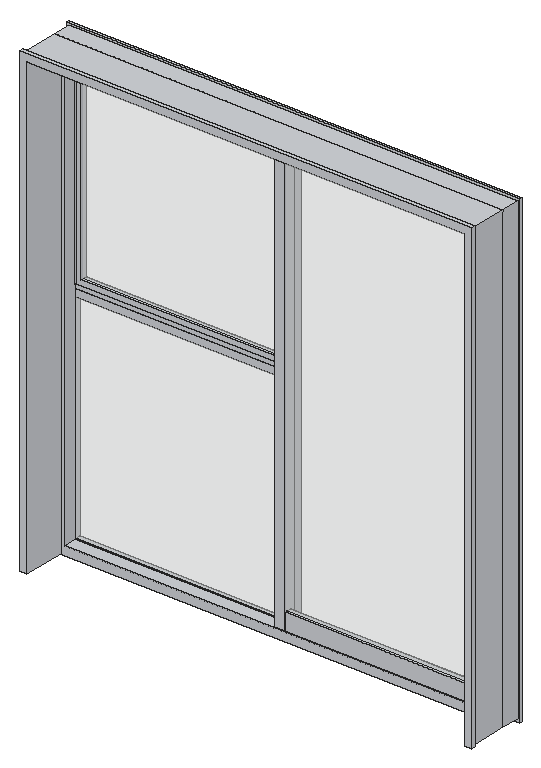
Revit family "APL Residential Thermal Heart Sliding Door SF with Sidelight", category Doors, host Wall, Revit 2017 (continued)
Definition of nested family "APL Residential Thermal Heart Sliding Door SF with Sidelight Horizontal Section"
  Definition of nested family "Jamb Stile"
    Definition of nested family "65400_Frame Head"
      Lines and regions (mm)
        detail lines, in view "Ref. Level"
          curve 338: arc (83.313, -16.268, 0) -> (83.439, -16.181, 0) -> (83.505, -16.043, 0) r 0.3
          curve 339: arc (83.505, -16.043, 0) -> (83.778, -15.801, 0) -> (84.083, -16, 0) r 0.3
          curve 340: arc (86.7, -16, 0) -> (86.841, -15.941, 0) -> (86.9, -15.8, 0) r 0.2
          curve 341: arc (86.9, -12.7, 0) -> (86.959, -12.559, 0) -> (87.1, -12.5, 0) r 0.2
          curve 342: arc (89.2, -12.5, 0) -> (89.341, -12.559, 0) -> (89.4, -12.7, 0) r 0.2
          curve 343: arc (89.4, -13.8, 0) -> (89.459, -13.941, 0) -> (89.6, -14, 0) r 0.2
          curve 344: arc (101.9, -14, 0) -> (102.042, -13.941, 0) -> (102.1, -13.8, 0) r 0.2
          curve 345: arc (102.1, -12.9, 0) -> (102.159, -12.759, 0) -> (102.3, -12.7, 0) r 0.2
          curve 346: arc (109.1, -12.7, 0) -> (109.454, -12.846, 0) -> (109.6, -13.2, 0) r 0.5
          curve 347: arc (109.6, -14.5, 0) -> (109.541, -14.641, 0) -> (109.4, -14.7, 0) r 0.2
          curve 348: arc (107.3, -14.7, 0) -> (107.159, -14.759, 0) -> (107.1, -14.9, 0) r 0.2
          curve 349: arc (107.1, -15.8, 0) -> (107.159, -15.941, 0) -> (107.3, -16, 0) r 0.2
          curve 350: arc (109.5, -16, 0) -> (109.854, -16.146, 0) -> (110, -16.5, 0) r 0.5
          curve 351: arc (110, -22.8, 0) -> (110.146, -23.154, 0) -> (110.5, -23.3, 0) r 0.5
          curve 352: arc (111.3, -23.3, 0) -> (111.441, -23.241, 0) -> (111.5, -23.1, 0) r 0.2
          curve 353: arc (113.3, -22.3, 0) -> (113.441, -22.359, 0) -> (113.5, -22.5, 0) r 0.2
          curve 354: arc (113.5, -27.4, 0) -> (113.1, -27.8, 0) -> (113.5, -28.2, 0) r 0.4
          curve 355: arc (113.5, -33.1, 0) -> (113.441, -33.241, 0) -> (113.3, -33.3, 0) r 0.2
          curve 356: arc (111.5, -32.7, 0) -> (111.383, -32.417, 0) -> (111.1, -32.3, 0) r 0.4
          curve 357: arc (111, -32.3, 0) -> (110.646, -32.447, 0) -> (110.5, -32.8, 0) r 0.5
          curve 358: arc (110.5, -35.35, 0) -> (111, -35.85, 0) -> (111.5, -35.35, 0) r 0.5
          curve 359: arc (111.5, -34.5, 0) -> (111.559, -34.359, 0) -> (111.7, -34.3, 0) r 0.2
          curve 360: arc (113.3, -34.3, 0) -> (113.441, -34.359, 0) -> (113.5, -34.5, 0) r 0.2
          curve 361: line (113.3, -36.05, 0) -> (113.3, -40.25, 0)
          curve 362: line (113.5, -40.596, 0) -> (113.5, -41.8, 0)
          curve 363: line (113.3, -42, 0) -> (111.701, -42, 0)
          curve 364: line (111.5, -41.8, 0) -> (111.5, -40.95, 0)
          curve 365: line (110.5, -40.95, 0) -> (110.5, -42.5, 0)
          curve 366: line (111, -43, 0) -> (114.5, -43, 0)
          curve 367: line (115, -42.5, 0) -> (115, -21.5, 0)
          curve 368: line (114.5, -21, 0) -> (111.7, -21, 0)
          curve 369: line (111.5, -20.8, 0) -> (111.5, -13.199, 0)
          curve 370: line (109.293, -7.1, 0) -> (109.5, -7.1, 0)
          curve 371: line (111.5, -5.1, 0) -> (111.5, -1.5, 0)
          curve 372: line (111.5, -1.5, 0) -> (120.75, -1.5, 0)
          curve 373: line (120.745, 0, 0) -> (119, 0, 0)
          curve 374: line (119, 0, 0) -> (118.6, -0.4, 0)
          curve 375: line (118.6, -0.4, 0) -> (112.3, -0.4, 0)
          curve 376: line (112.3, -0.4, 0) -> (111.9, 0, 0)
          curve 377: line (111.9, 0, 0) -> (111.5, 0, 0)
          curve 378: line (110, -1.5, 0) -> (110, -5, 0)
          curve 379: line (109.8, -5.2, 0) -> (100.5, -5.2, 0)
          curve 380: line (100, -5.7, 0) -> (100, -6.2, 0)
          curve 381: line (100.5, -6.7, 0) -> (101.927, -6.7, 0)
          curve 382: line (100.048, -12.1, 0) -> (91.556, -12.1, 0)
          curve 383: line (89.2, -10.6, 0) -> (87.9, -10.6, 0)
          curve 384: line (86.9, -9.6, 0) -> (86.9, -0.5, 0)
          curve 385: line (86.4, 0, 0) -> (84.083, 0, 0)
          curve 386: line (83.313, 0.268, 0) -> (81.903, 0.782, 0)
          curve 387: line (81.501, 0.474, 0) -> (81.708, -1.892, 0)
          curve 388: line (81.795, -2.078, 0) -> (82.159, -2.441, 0)
          curve 389: line (82.493, -2.352, 0) -> (82.538, -2.184, 0)
          curve 390: line (82.679, -2.043, 0) -> (84.812, -1.472, 0)
          curve 391: line (85, -2.247, 0) -> (85, -5.475, 0)
          curve 392: line (85, -5.5, 0) -> (85.194, -6.25, 0)
          curve 393: line (85, -6.5, 0) -> (84.479, -6.5, 0)
          curve 394: line (84.323, -6.456, 0) -> (83.069, -5.691, 0)
          curve 395: line (82.5, -5.55, 0) -> (82.5, -7.126, 0)
          curve 396: line (82.5, -8.874, 0) -> (82.5, -10.45, 0)
          curve 397: line (83.069, -10.309, 0) -> (84.323, -9.544, 0)
          curve 398: line (84.479, -9.5, 0) -> (85, -9.5, 0)
          curve 399: line (85.194, -9.75, 0) -> (85, -10.5, 0)
          curve 400: line (85, -10.525, 0) -> (85, -13.752, 0)
          curve 401: line (84.812, -14.528, 0) -> (82.679, -13.957, 0)
          curve 402: line (82.538, -13.816, 0) -> (82.493, -13.648, 0)
          curve 403: line (82.159, -13.559, 0) -> (81.795, -13.922, 0)
          curve 404: line (81.708, -14.108, 0) -> (81.501, -16.474, 0)
          curve 405: line (81.903, -16.782, 0) -> (83.313, -16.268, 0)
          curve 406: line (84.083, -16, 0) -> (86.7, -16, 0)
          curve 407: line (86.9, -15.8, 0) -> (86.9, -12.7, 0)
          curve 408: line (87.1, -12.5, 0) -> (89.2, -12.5, 0)
          curve 409: line (89.4, -12.7, 0) -> (89.4, -13.8, 0)
          curve 410: line (89.6, -14, 0) -> (95.4, -14, 0)
          curve 411: line (95.4, -14, 0) -> (95.8, -13.6, 0)
          curve 412: line (95.8, -13.6, 0) -> (96.2, -14, 0)
          curve 413: line (96.2, -14, 0) -> (101.9, -14, 0)
          curve 414: line (102.1, -13.8, 0) -> (102.1, -12.9, 0)
          curve 415: line (102.3, -12.7, 0) -> (109.1, -12.7, 0)
          curve 416: line (109.6, -13.2, 0) -> (109.6, -14.5, 0)
          curve 417: line (109.4, -14.7, 0) -> (107.3, -14.7, 0)
          curve 418: line (107.1, -14.9, 0) -> (107.1, -15.8, 0)
          curve 419: line (107.3, -16, 0) -> (109.5, -16, 0)
          curve 420: line (110, -16.5, 0) -> (110, -22.8, 0)
          curve 421: line (110.5, -23.3, 0) -> (111.3, -23.3, 0)
          curve 422: line (111.5, -23.1, 0) -> (111.5, -22.3, 0)
          curve 423: line (111.5, -22.3, 0) -> (113.3, -22.3, 0)
          curve 424: line (113.5, -22.5, 0) -> (113.5, -27.4, 0)
          curve 425: line (113.5, -28.2, 0) -> (113.5, -33.1, 0)
          curve 426: line (113.3, -33.3, 0) -> (111.5, -33.3, 0)
          curve 427: line (111.5, -33.3, 0) -> (111.5, -32.7, 0)
          curve 428: line (110.5, -32.8, 0) -> (110.5, -35.35, 0)
          curve 429: line (111.5, -35.35, 0) -> (111.5, -34.5, 0)
          curve 430: line (111.7, -34.3, 0) -> (113.3, -34.3, 0)
          curve 431: line (113.5, -34.5, 0) -> (113.5, -35.704, 0)
          curve 432: arc (113.5, -35.704, 0) -> (113.473, -35.804, 0) -> (113.4, -35.877, 0) r 0.2
          curve 433: arc (12.7, -18.4, 0) -> (12.817, -18.117, 0) -> (13.1, -18, 0) r 0.4
          curve 434: arc (13.393, -18, 0) -> (13.496, -18.014, 0) -> (13.593, -18.054, 0) r 0.4
          curve 435: arc (15.121, -18.939, 0) -> (15.411, -19.059, 0) -> (15.722, -19.1, 0) r 1.2
          curve 436: arc (16.645, -19.1, 0) -> (17.218, -19.281, 0) -> (17.584, -19.758, 0) r 1
          curve 437: arc (18.377, -21.937, 0) -> (18.524, -22.128, 0) -> (18.753, -22.2, 0) r 0.4
          curve 438: arc (21.447, -22.2, 0) -> (21.676, -22.128, 0) -> (21.823, -21.937, 0) r 0.4
          curve 439: arc (22.616, -19.758, 0) -> (22.982, -19.281, 0) -> (23.555, -19.1, 0) r 1
          curve 440: arc (24.478, -19.1, 0) -> (24.789, -19.059, 0) -> (25.079, -18.939, 0) r 1.2
          curve 441: arc (26.607, -18.054, 0) -> (26.704, -18.014, 0) -> (26.807, -18, 0) r 0.4
          curve 442: arc (27.1, -18, 0) -> (27.383, -18.117, 0) -> (27.5, -18.4, 0) r 0.4
          curve 443: arc (27.5, -21.8, 0) -> (27.383, -22.083, 0) -> (27.1, -22.2, 0) r 0.4
          curve 444: arc (26.807, -22.2, 0) -> (26.704, -22.186, 0) -> (26.607, -22.146, 0) r 0.4
          curve 445: arc (25.079, -21.261, 0) -> (24.785, -21.14, 0) -> (24.47, -21.1, 0) r 1.2
          curve 446: arc (24.47, -21.1, 0) -> (24.295, -21.153, 0) -> (24.184, -21.297, 0) r 0.3
          curve 447: arc (23.296, -23.737, 0) -> (23.149, -23.928, 0) -> (22.92, -24, 0) r 0.4
          curve 448: arc (17.28, -24, 0) -> (17.051, -23.928, 0) -> (16.904, -23.737, 0) r 0.4
          curve 449: arc (16.016, -21.297, 0) -> (15.905, -21.153, 0) -> (15.73, -21.1, 0) r 0.3
          curve 450: arc (15.73, -21.1, 0) -> (15.415, -21.14, 0) -> (15.121, -21.261, 0) r 1.2
          curve 451: arc (13.593, -22.146, 0) -> (13.496, -22.186, 0) -> (13.393, -22.2, 0) r 0.4
          curve 452: arc (13.1, -22.2, 0) -> (12.817, -22.083, 0) -> (12.7, -21.8, 0) r 0.4
          curve 453: line (13.1, -18, 0) -> (13.393, -18, 0)
          curve 454: line (13.593, -18.054, 0) -> (15.121, -18.939, 0)
          curve 455: line (15.722, -19.1, 0) -> (16.645, -19.1, 0)
          curve 456: line (17.584, -19.758, 0) -> (18.377, -21.937, 0)
          curve 457: line (18.753, -22.2, 0) -> (21.447, -22.2, 0)
          curve 458: line (21.823, -21.937, 0) -> (22.616, -19.758, 0)
          curve 459: line (23.555, -19.1, 0) -> (24.478, -19.1, 0)
          curve 460: line (25.079, -18.939, 0) -> (26.607, -18.054, 0)
          curve 461: line (26.807, -18, 0) -> (27.1, -18, 0)
          curve 462: line (27.5, -18.4, 0) -> (27.5, -21.8, 0)
          curve 463: line (27.1, -22.2, 0) -> (26.807, -22.2, 0)
          curve 464: line (26.607, -22.146, 0) -> (25.079, -21.261, 0)
          curve 465: line (24.184, -21.297, 0) -> (23.296, -23.737, 0)
          curve 466: line (22.92, -24, 0) -> (17.28, -24, 0)
          curve 467: line (16.904, -23.737, 0) -> (16.016, -21.297, 0)
          curve 468: line (15.121, -21.261, 0) -> (13.593, -22.146, 0)
          curve 469: line (13.393, -22.2, 0) -> (13.1, -22.2, 0)
          curve 470: line (12.7, -21.8, 0) -> (12.7, -18.4, 0)
          curve 471: arc (12.7, -2.2, 0) -> (12.817, -1.917, 0) -> (13.1, -1.8, 0) r 0.4
          curve 472: arc (13.393, -1.8, 0) -> (13.496, -1.814, 0) -> (13.593, -1.854, 0) r 0.4
          curve 473: arc (15.121, -2.739, 0) -> (15.411, -2.859, 0) -> (15.722, -2.9, 0) r 1.2
          curve 474: arc (16.645, -2.9, 0) -> (17.218, -3.081, 0) -> (17.584, -3.558, 0) r 1
          curve 475: arc (18.377, -5.737, 0) -> (18.524, -5.928, 0) -> (18.753, -6, 0) r 0.4
          curve 476: arc (21.447, -6, 0) -> (21.676, -5.928, 0) -> (21.823, -5.737, 0) r 0.4
          curve 477: arc (22.616, -3.558, 0) -> (22.982, -3.081, 0) -> (23.555, -2.9, 0) r 1
          curve 478: arc (24.478, -2.9, 0) -> (24.789, -2.859, 0) -> (25.079, -2.739, 0) r 1.2
          curve 479: arc (26.607, -1.854, 0) -> (26.704, -1.814, 0) -> (26.807, -1.8, 0) r 0.4
          curve 480: arc (27.1, -1.8, 0) -> (27.383, -1.917, 0) -> (27.5, -2.2, 0) r 0.4
          curve 481: arc (27.5, -5.6, 0) -> (27.383, -5.883, 0) -> (27.1, -6, 0) r 0.4
          curve 482: arc (26.807, -6, 0) -> (26.704, -5.986, 0) -> (26.607, -5.946, 0) r 0.4
          curve 483: arc (25.079, -5.061, 0) -> (24.785, -4.94, 0) -> (24.47, -4.9, 0) r 1.2
          curve 484: arc (24.47, -4.9, 0) -> (24.295, -4.953, 0) -> (24.184, -5.097, 0) r 0.3
          curve 485: arc (23.296, -7.537, 0) -> (23.149, -7.728, 0) -> (22.92, -7.8, 0) r 0.4
          curve 486: arc (17.28, -7.8, 0) -> (17.051, -7.728, 0) -> (16.904, -7.537, 0) r 0.4
          curve 487: arc (16.016, -5.097, 0) -> (15.905, -4.953, 0) -> (15.73, -4.9, 0) r 0.3
          curve 488: arc (15.73, -4.9, 0) -> (15.415, -4.94, 0) -> (15.121, -5.061, 0) r 1.2
          curve 489: arc (13.593, -5.946, 0) -> (13.496, -5.986, 0) -> (13.393, -6, 0) r 0.4
          curve 490: arc (13.1, -6, 0) -> (12.817, -5.883, 0) -> (12.7, -5.6, 0) r 0.4
          curve 491: line (13.1, -1.8, 0) -> (13.393, -1.8, 0)
          curve 492: line (13.593, -1.854, 0) -> (15.121, -2.739, 0)
          curve 493: line (15.722, -2.9, 0) -> (16.645, -2.9, 0)
          curve 494: line (17.584, -3.558, 0) -> (18.377, -5.737, 0)
          curve 495: line (18.753, -6, 0) -> (21.447, -6, 0)
          curve 496: line (21.823, -5.737, 0) -> (22.616, -3.558, 0)
          curve 497: line (23.555, -2.9, 0) -> (24.478, -2.9, 0)
          curve 498: line (25.079, -2.739, 0) -> (26.607, -1.854, 0)
          curve 499: line (26.807, -1.8, 0) -> (27.1, -1.8, 0)
          curve 500: line (27.5, -2.2, 0) -> (27.5, -5.6, 0)
          curve 501: line (27.1, -6, 0) -> (26.807, -6, 0)
          curve 502: line (26.607, -5.946, 0) -> (25.079, -5.061, 0)
          curve 503: line (24.184, -5.097, 0) -> (23.296, -7.537, 0)
          curve 504: line (22.92, -7.8, 0) -> (17.28, -7.8, 0)
          curve 505: line (16.904, -7.537, 0) -> (16.016, -5.097, 0)
          curve 506: line (15.121, -5.061, 0) -> (13.593, -5.946, 0)
          curve 507: line (13.393, -6, 0) -> (13.1, -6, 0)
          curve 508: line (12.7, -5.6, 0) -> (12.7, -2.2, 0)
          curve 509: arc (10.8, -6.498, 0) -> (11.356, -7.843, 0) -> (12.7, -8.4, 0) r 1.9
          curve 510: arc (13.1, -8.4, 0) -> (13.241, -8.459, 0) -> (13.3, -8.6, 0) r 0.2
          curve 511: arc (13.3, -15.4, 0) -> (13.241, -15.541, 0) -> (13.1, -15.6, 0) r 0.2
          curve 512: arc (11, -15.6, 0) -> (10.859, -15.659, 0) -> (10.8, -15.8, 0) r 0.2
          curve 513: arc (10.8, -16.283, 0) -> (10.741, -16.425, 0) -> (10.6, -16.483, 0) r 0.2
          curve 514: arc (1.9, -16.483, 0) -> (1.546, -16.337, 0) -> (1.4, -15.983, 0) r 0.5
          curve 515: arc (1.4, -2.245, 0) -> (1.521, -1.631, 0) -> (1.869, -1.111, 0) r 1.6
          curve 516: arc (6.387, 3.407, 0) -> (6.711, 3.624, 0) -> (7.094, 3.7, 0) r 1
          curve 517: arc (9.8, 3.7, 0) -> (10.507, 3.407, 0) -> (10.8, 2.7, 0) r 1
          curve 518: arc (1.665, -23.621, 0) -> (1.729, -23.522, 0) -> (1.725, -23.403, 0) r 0.2
          curve 519: arc (1.725, -23.403, 0) -> (1.621, -23.234, 0) -> (1.453, -23.127, 0) r 0.45
          curve 520: arc (1.453, -23.127, 0) -> (1.357, -23.052, 0) -> (1.322, -22.936, 0) r 0.2
          curve 521: arc (1.379, -18.081, 0) -> (1.438, -17.941, 0) -> (1.579, -17.883, 0) r 0.2
          curve 522: arc (10.6, -17.883, 0) -> (10.741, -17.942, 0) -> (10.8, -18.083, 0) r 0.2
          curve 523: arc (10.8, -22.172, 0) -> (10.773, -22.272, 0) -> (10.7, -22.345, 0) r 0.2
          curve 524: arc (9.6, -22.98, 0) -> (9.38, -23.2, 0) -> (9.3, -23.5, 0) r 0.6
          curve 525: arc (9.3, -23.8, 0) -> (9.359, -23.941, 0) -> (9.5, -24, 0) r 0.2
          curve 526: arc (13.617, -24, 0) -> (13.922, -23.801, 0) -> (14.195, -24.043, 0) r 0.3
          curve 527: arc (14.195, -24.043, 0) -> (14.261, -24.181, 0) -> (14.387, -24.268, 0) r 0.3
          curve 528: arc (15.797, -24.782, 0) -> (16.083, -24.738, 0) -> (16.199, -24.474, 0) r 0.3
          curve 529: arc (15.992, -22.108, 0) -> (15.965, -22.008, 0) -> (15.905, -21.922, 0) r 0.3
          curve 530: arc (15.541, -21.559, 0) -> (15.348, -21.507, 0) -> (15.207, -21.648, 0) r 0.2
          curve 531: arc (15.162, -21.816, 0) -> (15.11, -21.905, 0) -> (15.021, -21.957, 0) r 0.2
          curve 532: arc (12.878, -22.49, 0) -> (12.536, -22.343, 0) -> (12.6, -21.976, 0) r 0.3
          curve 533: arc (12.6, -21.976, 0) -> (12.674, -21.875, 0) -> (12.7, -21.753, 0) r 0.3
          curve 534: arc (12.506, -17.75, 0) -> (12.542, -17.578, 0) -> (12.7, -17.5, 0) r 0.2
          curve 535: arc (13.221, -17.5, 0) -> (13.302, -17.511, 0) -> (13.377, -17.544, 0) r 0.3
          curve 536: arc (14.631, -18.309, 0) -> (14.637, -18.502, 0) -> (14.78, -18.633, 0) r 0.25
          curve 537: arc (14.78, -18.633, 0) -> (15.05, -18.679, 0) -> (15.2, -18.45, 0) r 0.25
          curve 538: arc (15.2, -8.599, 0) -> (15.259, -8.458, 0) -> (15.4, -8.4, 0) r 0.2
          curve 539: arc (16.479, -8.4, 0) -> (16.643, -8.315, 0) -> (16.667, -8.132, 0) r 0.2
          curve 540: arc (15.775, -5.682, 0) -> (15.702, -5.586, 0) -> (15.587, -5.55, 0) r 0.2
          curve 541: arc (15.353, -5.55, 0) -> (15.248, -5.52, 0) -> (15.174, -5.439, 0) r 0.2
          curve 542: arc (15.174, -5.439, 0) -> (14.995, -5.304, 0) -> (14.78, -5.367, 0) r 0.25
          curve 543: arc (14.78, -5.367, 0) -> (14.637, -5.498, 0) -> (14.631, -5.691, 0) r 0.25
          curve 544: arc (13.377, -6.456, 0) -> (13.302, -6.489, 0) -> (13.221, -6.5, 0) r 0.3
          curve 545: arc (12.7, -6.5, 0) -> (12.542, -6.422, 0) -> (12.506, -6.25, 0) r 0.2
          curve 546: arc (12.7, -2.247, 0) -> (12.674, -2.125, 0) -> (12.6, -2.024, 0) r 0.3
          curve 547: arc (12.6, -2.024, 0) -> (12.536, -1.657, 0) -> (12.878, -1.51, 0) r 0.3
          curve 548: arc (15.021, -2.043, 0) -> (15.11, -2.095, 0) -> (15.162, -2.184, 0) r 0.2
          curve 549: arc (15.207, -2.352, 0) -> (15.348, -2.493, 0) -> (15.541, -2.441, 0) r 0.2
          curve 550: arc (15.905, -2.078, 0) -> (15.965, -1.992, 0) -> (15.992, -1.892, 0) r 0.3
          curve 551: arc (16.199, 0.474, 0) -> (16.083, 0.738, 0) -> (15.797, 0.782, 0) r 0.3
          curve 552: arc (14.387, 0.268, 0) -> (14.261, 0.181, 0) -> (14.195, 0.043, 0) r 0.3
          curve 553: arc (14.195, 0.043, 0) -> (13.922, -0.199, 0) -> (13.617, 0, 0) r 0.3
          curve 554: arc (12.6, 0, 0) -> (12.459, 0.059, 0) -> (12.4, 0.2, 0) r 0.2
          curve 555: arc (12.4, 2.696, 0) -> (11.64, 4.537, 0) -> (9.8, 5.3, 0) r 2.6
          curve 556: arc (7.9, 5.3, 0) -> (7.547, 5.446, 0) -> (7.4, 5.8, 0) r 0.5
          curve 557: arc (7.4, 13.402, 0) -> (7.508, 13.581, 0) -> (7.716, 13.566, 0) r 0.2
          curve 558: arc (7.716, 13.566, 0) -> (8.721, 13.692, 0) -> (8.684, 14.705, 0) r 0.75
          curve 559: arc (8.684, 14.705, 0) -> (8.15, 16.005, 0) -> (8.684, 17.305, 0) r 1.85
          curve 560: arc (8.684, 17.305, 0) -> (8.794, 17.447, 0) -> (8.867, 17.612, 0) r 0.75
          curve 561: arc (8.867, 17.612, 0) -> (8.97, 17.796, 0) -> (9.14, 17.921, 0) r 0.5
          curve 562: arc (9.14, 17.921, 0) -> (10, 18.105, 0) -> (10.86, 17.921, 0) r 2.1
          curve 563: arc (10.86, 17.921, 0) -> (11.03, 17.796, 0) -> (11.133, 17.612, 0) r 0.5
          curve 564: arc (11.133, 17.612, 0) -> (11.206, 17.447, 0) -> (11.316, 17.305, 0) r 0.75
          curve 565: arc (11.316, 17.305, 0) -> (11.85, 16.005, 0) -> (11.316, 14.705, 0) r 1.85
          curve 566: arc (11.316, 14.705, 0) -> (11.323, 13.644, 0) -> (12.384, 13.651, 0) r 0.75
          curve 567: arc (12.384, 13.651, 0) -> (13.348, 15.881, 0) -> (12.551, 18.176, 0) r 3.35
          curve 568: arc (12.551, 18.176, 0) -> (12.478, 18.71, 0) -> (12.932, 19, 0) r 0.5
          curve 569: arc (13.15, 19, 0) -> (13.291, 19.059, 0) -> (13.35, 19.2, 0) r 0.2
          curve 570: arc (13.35, 19.5, 0) -> (13.204, 19.854, 0) -> (12.85, 20, 0) r 0.5
          curve 571: arc (7, 20, 0) -> (6.293, 19.707, 0) -> (6, 19, 0) r 1
          curve 572: arc (6, 6.243, 0) -> (5.772, 5.095, 0) -> (5.121, 4.121, 0) r 3
          curve 573: arc (0.879, -0.121, 0) -> (0.228, -1.095, 0) -> (0, -2.243, 0) r 3
          curve 574: arc (0, -23.8, 0) -> (0.059, -23.941, 0) -> (0.2, -24, 0) r 0.2
          curve 575: line (10.8, 2.7, 0) -> (10.8, -6.498, 0)
          curve 576: line (12.7, -8.4, 0) -> (13.1, -8.4, 0)
          curve 577: line (13.3, -8.6, 0) -> (13.3, -15.4, 0)
          curve 578: line (13.1, -15.6, 0) -> (11, -15.6, 0)
          curve 579: line (10.8, -15.8, 0) -> (10.8, -16.283, 0)
          curve 580: line (10.6, -16.483, 0) -> (1.9, -16.483, 0)
          curve 581: line (1.4, -15.983, 0) -> (1.4, -2.245, 0)
          curve 582: line (1.869, -1.111, 0) -> (6.387, 3.407, 0)
          curve 583: line (7.094, 3.7, 0) -> (9.8, 3.7, 0)
          curve 584: line (1.322, -22.936, 0) -> (1.379, -18.081, 0)
          curve 585: line (1.579, -17.883, 0) -> (10.6, -17.883, 0)
          curve 586: line (10.8, -18.083, 0) -> (10.8, -22.172, 0)
          curve 587: line (10.7, -22.345, 0) -> (9.6, -22.98, 0)
          curve 588: line (9.3, -23.5, 0) -> (9.3, -23.8, 0)
          curve 589: line (9.5, -24, 0) -> (13.617, -24, 0)
          curve 590: line (14.387, -24.268, 0) -> (15.797, -24.782, 0)
          curve 591: line (16.199, -24.474, 0) -> (15.992, -22.108, 0)
          curve 592: line (15.905, -21.922, 0) -> (15.541, -21.559, 0)
          curve 593: line (15.207, -21.648, 0) -> (15.162, -21.816, 0)
          curve 594: line (15.021, -21.957, 0) -> (12.888, -22.528, 0)
          curve 595: line (12.7, -21.753, 0) -> (12.7, -18.525, 0)
          curve 596: line (12.7, -18.5, 0) -> (12.506, -17.75, 0)
          curve 597: line (12.7, -17.5, 0) -> (13.221, -17.5, 0)
          curve 598: line (13.377, -17.544, 0) -> (14.631, -18.309, 0)
          curve 599: line (15.2, -18.45, 0) -> (15.2, -16.874, 0)
          curve 600: line (15.2, -16.874, 0) -> (15.2, -8.599, 0)
          curve 601: line (15.4, -8.4, 0) -> (16.479, -8.4, 0)
          curve 602: line (16.667, -8.132, 0) -> (15.775, -5.682, 0)
          curve 603: line (15.587, -5.55, 0) -> (15.353, -5.55, 0)
          curve 604: line (14.631, -5.691, 0) -> (13.377, -6.456, 0)
          curve 605: line (13.221, -6.5, 0) -> (12.7, -6.5, 0)
          curve 606: line (12.506, -6.25, 0) -> (12.7, -5.5, 0)
          curve 607: line (12.7, -5.475, 0) -> (12.7, -2.247, 0)
          curve 608: line (12.888, -1.472, 0) -> (15.021, -2.043, 0)
          curve 609: line (15.162, -2.184, 0) -> (15.207, -2.352, 0)
          curve 610: line (15.541, -2.441, 0) -> (15.905, -2.078, 0)
          curve 611: line (15.992, -1.892, 0) -> (16.199, 0.474, 0)
          curve 612: line (15.797, 0.782, 0) -> (14.387, 0.268, 0)
          curve 613: line (13.617, 0, 0) -> (12.6, 0, 0)
          curve 614: line (12.4, 0.2, 0) -> (12.4, 2.696, 0)
          curve 615: line (9.8, 5.3, 0) -> (7.9, 5.3, 0)
          curve 616: line (7.4, 5.8, 0) -> (7.4, 13.402, 0)
          curve 617: line (12.932, 19, 0) -> (13.15, 19, 0)
          curve 618: line (13.35, 19.2, 0) -> (13.35, 19.5, 0)
          curve 619: line (12.85, 20, 0) -> (7, 20, 0)
          curve 620: line (6, 19, 0) -> (6, 6.243, 0)
          curve 621: line (5.121, 4.121, 0) -> (0.879, -0.121, 0)
          curve 622: line (0, -2.243, 0) -> (0, -23.8, 0)
          curve 623: line (0.2, -24, 0) -> (1.214, -24, 0)
          curve 624: line (1.214, -24, 0) -> (1.665, -23.621, 0)
          curve 625: line (106.85, -41.439, 0) -> (112.6, -39.899, 0)
          curve 626: line (111.139, -40.29, 0) -> (106.85, -40.29, 0)
          curve 627: line (112.6, -39.45, 0) -> (106.85, -39.45, 0)
          curve 628: line (112.6, -38.61, 0) -> (106.85, -38.61, 0)
          curve 629: line (112.6, -37.69, 0) -> (106.85, -37.69, 0)
          curve 630: line (112.6, -36.85, 0) -> (106.85, -36.85, 0)
          curve 631: line (111.139, -36.01, 0) -> (106.85, -36.01, 0)
          curve 632: line (112.6, -36.401, 0) -> (106.85, -34.861, 0)
          curve 633: line (112.85, -41.6, 0) -> (112.85, -34.7, 0)
          curve 634: line (112.6, -34.7, 0) -> (112.6, -41.6, 0)
          curve 635: line (112.6, -41.6, 0) -> (113.1, -41.6, 0)
          curve 636: line (113.1, -41.6, 0) -> (113.1, -34.7, 0)
          curve 637: line (113.1, -34.7, 0) -> (112.6, -34.7, 0)
          curve 651: line (74.15, -41.439, 0) -> (68.4, -39.899, 0)
          curve 652: line (69.861, -40.29, 0) -> (74.15, -40.29, 0)
          curve 653: line (68.4, -39.45, 0) -> (74.15, -39.45, 0)
          curve 654: line (68.4, -38.61, 0) -> (74.15, -38.61, 0)
          curve 655: line (68.4, -37.69, 0) -> (74.15, -37.69, 0)
          curve 656: line (68.4, -36.85, 0) -> (74.15, -36.85, 0)
          curve 657: line (69.861, -36.01, 0) -> (74.15, -36.01, 0)
          curve 658: line (68.4, -36.401, 0) -> (74.15, -34.861, 0)
          curve 659: line (68.15, -41.6, 0) -> (68.15, -34.7, 0)
          curve 660: line (68.4, -34.7, 0) -> (68.4, -41.6, 0)
          curve 661: line (68.4, -41.6, 0) -> (67.9, -41.6, 0)
          curve 662: line (67.9, -41.6, 0) -> (67.9, -34.7, 0)
          curve 663: line (67.9, -34.7, 0) -> (68.4, -34.7, 0)
        detail lines, in view "Ref. Level", not visible
          curve 638: line (101.764, -41.439, 0) -> (107.514, -39.899, 0)
          curve 639: line (106.053, -40.29, 0) -> (101.764, -40.29, 0)
          curve 640: line (107.514, -39.45, 0) -> (101.764, -39.45, 0)
          curve 641: line (107.514, -38.61, 0) -> (101.764, -38.61, 0)
          curve 642: line (107.514, -37.69, 0) -> (101.764, -37.69, 0)
          curve 643: line (107.514, -36.85, 0) -> (101.764, -36.85, 0)
          curve 644: line (106.053, -36.01, 0) -> (101.764, -36.01, 0)
          curve 645: line (107.514, -36.401, 0) -> (101.764, -34.861, 0)
          curve 646: line (107.764, -41.6, 0) -> (107.764, -34.7, 0)
          curve 647: line (107.514, -34.7, 0) -> (107.514, -41.6, 0)
          curve 648: line (107.514, -41.6, 0) -> (108.014, -41.6, 0)
          curve 649: line (108.014, -41.6, 0) -> (108.014, -34.7, 0)
          curve 650: line (108.014, -34.7, 0) -> (107.514, -34.7, 0)
      Text (mm)
        text "65400" at (41.516, 17.579, 0), in view "Ref. Level"
    Definition of nested family "65575_Threshold"
      Reference planes
        plane 1 "Center (Front/Back)": y = 0
        plane 2: z = 0
        plane 3 "Center (Left/Right)": x = 0
      Lines and regions (mm)
        detail lines, in view "Ref. Level"
          curve 1: arc (0.123, 1.385, 0) -> (0.034, 1.312, 0) -> (0, 1.2, 0) r 0.2
          curve 2: arc (0, 0.2, 0) -> (0.059, 0.059, 0) -> (0.2, 0, 0) r 0.2
          curve 3: arc (1.987, -0.473, 0) -> (2.044, -0.588, 0) -> (2.019, -0.715, 0) r 0.2
          curve 4: arc (1.788, -1.112, 0) -> (1.916, -1.591, 0) -> (2.394, -1.463, 0) r 0.35
          curve 5: arc (2.779, -0.797, 0) -> (2.842, -0.484, 0) -> (2.701, -0.197, 0) r 0.497
          curve 6: arc (2.033, 0.47, 0) -> (1.979, 0.65, 0) -> (2.098, 0.796, 0) r 0.2
          curve 7: arc (41.094, 16.949, 0) -> (41.282, 16.93, 0) -> (41.37, 16.764, 0) r 0.2
          curve 8: arc (41.37, 12.481, 0) -> (41.586, 11.578, 0) -> (42.188, 10.869, 0) r 2
          curve 9: arc (42.188, 10.869, 0) -> (43.515, 8.691, 0) -> (42.924, 6.21, 0) r 3.35
          curve 10: arc (42.924, 6.21, 0) -> (43.038, 5.512, 0) -> (43.736, 5.625, 0) r 0.5
          curve 11: arc (43.736, 5.625, 0) -> (44.503, 8.847, 0) -> (42.779, 11.675, 0) r 4.35
          curve 12: arc (42.779, 11.675, 0) -> (42.478, 12.03, 0) -> (42.37, 12.481, 0) r 1
          curve 13: arc (42.37, 18.585, 0) -> (42.282, 18.751, 0) -> (42.094, 18.77, 0) r 0.2
          curve 14: line (0, 1.2, 0) -> (0, 0.2, 0)
          curve 15: line (0.2, 0, 0) -> (1.431, 0, 0)
          curve 16: line (1.573, -0.059, 0) -> (1.987, -0.473, 0)
          curve 17: line (2.019, -0.715, 0) -> (1.788, -1.112, 0)
          curve 18: line (2.394, -1.463, 0) -> (2.779, -0.797, 0)
          curve 19: line (2.701, -0.197, 0) -> (2.033, 0.47, 0)
          curve 20: line (2.098, 0.796, 0) -> (41.094, 16.949, 0)
          curve 21: line (41.37, 16.764, 0) -> (41.37, 12.481, 0)
          curve 22: line (42.37, 12.481, 0) -> (42.37, 18.585, 0)
          curve 23: line (42.094, 18.77, 0) -> (0.123, 1.385, 0)
      Text (mm)
        text "65575" at (6.848, 22.344, 0), in view "Ref. Level"
    Definition of nested family "65520_Lock Stile"
      Reference planes
        plane 1 "Center (Front/Back)": y = 0
        plane 2: z = 0
        plane 3 "Center (Left/Right)": x = 0
      Lines and regions (mm)
        model lines, in view "Ref. Level"
          curve 1: arc (64.617, -36.001, 0) -> (64.992, -35.626, 0) -> (64.617, -35.251, 0) r 0.375
          curve 2: arc (64.242, -32, 0) -> (64.184, -31.859, 0) -> (64.042, -31.8, 0) r 0.2
          curve 3: arc (62.612, -31.8, 0) -> (62.471, -31.859, 0) -> (62.412, -32, 0) r 0.2
          curve 4: arc (62.412, -32.6, 0) -> (62.471, -32.741, 0) -> (62.612, -32.8, 0) r 0.2
          curve 5: arc (62.962, -32.8, 0) -> (63.104, -32.859, 0) -> (63.162, -33, 0) r 0.2
          curve 6: arc (63.162, -33.6, 0) -> (63.104, -33.741, 0) -> (62.962, -33.8, 0) r 0.2
          curve 7: arc (62.612, -33.8, 0) -> (62.471, -33.859, 0) -> (62.412, -34, 0) r 0.2
          curve 8: arc (62.412, -34.301, 0) -> (62.266, -34.655, 0) -> (61.912, -34.801, 0) r 0.5
          curve 9: arc (60.912, -34.801, 0) -> (60.559, -34.655, 0) -> (60.412, -34.301, 0) r 0.5
          curve 10: arc (60.412, -34, 0) -> (60.354, -33.859, 0) -> (60.212, -33.8, 0) r 0.2
          curve 11: arc (59.862, -33.8, 0) -> (59.721, -33.741, 0) -> (59.662, -33.6, 0) r 0.2
          curve 12: arc (59.662, -33, 0) -> (59.721, -32.859, 0) -> (59.862, -32.8, 0) r 0.2
          curve 13: arc (60.212, -32.8, 0) -> (60.354, -32.741, 0) -> (60.412, -32.6, 0) r 0.2
          curve 14: arc (60.412, -32, 0) -> (60.354, -31.859, 0) -> (60.212, -31.8, 0) r 0.2
          curve 15: arc (57.112, -31.8, 0) -> (56.971, -31.859, 0) -> (56.912, -32, 0) r 0.2
          curve 16: arc (56.912, -32.6, 0) -> (56.971, -32.741, 0) -> (57.112, -32.8, 0) r 0.2
          curve 17: arc (57.862, -32.8, 0) -> (58.216, -32.946, 0) -> (58.362, -33.3, 0) r 0.5
          curve 18: arc (58.362, -33.701, 0) -> (58.216, -34.054, 0) -> (57.862, -34.201, 0) r 0.5
          curve 19: arc (45.74, -34.2, 0) -> (45.386, -34.054, 0) -> (45.24, -33.7, 0) r 0.5
          curve 20: arc (45.24, -31.883, 0) -> (45.041, -31.578, 0) -> (45.283, -31.305, 0) r 0.3
          curve 21: arc (45.283, -31.305, 0) -> (45.421, -31.239, 0) -> (45.508, -31.113, 0) r 0.3
          curve 22: arc (46.022, -29.703, 0) -> (45.978, -29.417, 0) -> (45.714, -29.301, 0) r 0.3
          curve 23: arc (43.348, -29.508, 0) -> (43.248, -29.535, 0) -> (43.162, -29.595, 0) r 0.3
          curve 24: arc (42.799, -29.959, 0) -> (42.747, -30.152, 0) -> (42.888, -30.293, 0) r 0.2
          curve 25: arc (43.056, -30.338, 0) -> (43.145, -30.39, 0) -> (43.197, -30.479, 0) r 0.2
          curve 26: arc (43.74, -32.7, 0) -> (43.547, -32.98, 0) -> (43.216, -32.9, 0) r 0.3
          curve 27: arc (43.216, -32.9, 0) -> (43.115, -32.826, 0) -> (42.993, -32.8, 0) r 0.3
          curve 28: arc (38.99, -32.994, 0) -> (38.818, -32.958, 0) -> (38.74, -32.8, 0) r 0.2
          curve 29: arc (38.74, -32.279, 0) -> (38.751, -32.198, 0) -> (38.784, -32.122, 0) r 0.3
          curve 30: arc (39.549, -30.869, 0) -> (39.719, -30.872, 0) -> (39.851, -30.766, 0) r 0.25
          curve 31: arc (39.903, -30.68, 0) -> (39.908, -30.428, 0) -> (39.69, -30.3, 0) r 0.25
          curve 32: arc (37.951, -30.3, 0) -> (37.706, -30.364, 0) -> (37.524, -30.539, 0) r 0.5
          curve 33: arc (36.913, -31.54, 0) -> (36.859, -31.666, 0) -> (36.84, -31.801, 0) r 0.5
          curve 34: arc (36.84, -33.597, 0) -> (36.695, -33.952, 0) -> (36.34, -34.099, 0) r 0.5
          curve 35: arc (8.6, -34.099, 0) -> (8.459, -34.04, 0) -> (8.4, -33.899, 0) r 0.2
          curve 36: arc (8.4, -32.953, 0) -> (8.382, -32.817, 0) -> (8.327, -32.69, 0) r 0.5
          curve 37: arc (7.716, -31.689, 0) -> (7.534, -31.514, 0) -> (7.289, -31.45, 0) r 0.5
          curve 38: arc (5.55, -31.45, 0) -> (5.332, -31.577, 0) -> (5.337, -31.83, 0) r 0.25
          curve 39: arc (5.389, -31.916, 0) -> (5.521, -32.022, 0) -> (5.691, -32.019, 0) r 0.25
          curve 40: arc (6.456, -33.272, 0) -> (6.489, -33.348, 0) -> (6.5, -33.429, 0) r 0.3
          curve 41: arc (6.5, -33.95, 0) -> (6.422, -34.108, 0) -> (6.25, -34.144, 0) r 0.2
          curve 42: arc (2.247, -33.95, 0) -> (2.125, -33.976, 0) -> (2.024, -34.05, 0) r 0.3
          curve 43: arc (2.024, -34.05, 0) -> (1.693, -34.13, 0) -> (1.5, -33.85, 0) r 0.3
          curve 44: arc (2.043, -31.629, 0) -> (2.095, -31.54, 0) -> (2.184, -31.488, 0) r 0.2
          curve 45: arc (2.352, -31.443, 0) -> (2.493, -31.302, 0) -> (2.441, -31.109, 0) r 0.2
          curve 46: arc (2.078, -30.745, 0) -> (1.992, -30.685, 0) -> (1.892, -30.658, 0) r 0.3
          curve 47: arc (-0.474, -30.451, 0) -> (-0.738, -30.567, 0) -> (-0.782, -30.853, 0) r 0.3
          curve 48: arc (-0.268, -32.263, 0) -> (-0.181, -32.389, 0) -> (-0.043, -32.455, 0) r 0.3
          curve 49: arc (-0.043, -32.455, 0) -> (0.199, -32.728, 0) -> (0, -33.033, 0) r 0.3
          curve 50: arc (-3.076, -33.033, 0) -> (-3.524, -33.31, 0) -> (-3.475, -33.834, 0) r 0.5
          curve 51: arc (-3.475, -33.834, 0) -> (-2.783, -34.469, 0) -> (-1.91, -34.817, 0) r 2.6
          curve 52: line (4.258, -36.001, 0) -> (64.617, -36.001, 0)
          curve 53: line (64.617, -35.251, 0) -> (64.242, -35.251, 0)
          curve 54: line (64.242, -35.251, 0) -> (64.242, -32, 0)
          curve 55: line (64.042, -31.8, 0) -> (62.612, -31.8, 0)
          curve 56: line (62.412, -32, 0) -> (62.412, -32.6, 0)
          curve 57: line (62.612, -32.8, 0) -> (62.962, -32.8, 0)
          curve 58: line (63.162, -33, 0) -> (63.162, -33.6, 0)
          curve 59: line (62.962, -33.8, 0) -> (62.612, -33.8, 0)
          curve 60: line (62.412, -34, 0) -> (62.412, -34.301, 0)
          curve 61: line (61.912, -34.801, 0) -> (60.912, -34.801, 0)
          curve 62: line (60.412, -34.301, 0) -> (60.412, -34, 0)
          curve 63: line (60.212, -33.8, 0) -> (59.862, -33.8, 0)
          curve 64: line (59.662, -33.6, 0) -> (59.662, -33, 0)
          curve 65: line (59.862, -32.8, 0) -> (60.212, -32.8, 0)
          curve 66: line (60.412, -32.6, 0) -> (60.412, -32, 0)
          curve 67: line (60.212, -31.8, 0) -> (57.112, -31.8, 0)
          curve 68: line (56.912, -32, 0) -> (56.912, -32.6, 0)
          curve 69: line (57.112, -32.8, 0) -> (57.862, -32.8, 0)
          curve 70: line (58.362, -33.3, 0) -> (58.362, -33.701, 0)
          curve 71: line (57.862, -34.201, 0) -> (45.74, -34.201, 0)
          curve 72: line (45.24, -33.7, 0) -> (45.24, -31.883, 0)
          curve 73: line (45.508, -31.113, 0) -> (46.022, -29.703, 0)
          curve 74: line (45.714, -29.301, 0) -> (43.348, -29.508, 0)
          curve 75: line (43.162, -29.595, 0) -> (42.799, -29.959, 0)
          curve 76: line (42.888, -30.293, 0) -> (43.056, -30.338, 0)
          curve 77: line (43.056, -30.338, 0) -> (43.73, -32.468, 0)
          curve 78: line (43.73, -32.468, 0) -> (43.74, -32.7, 0)
          curve 79: line (42.993, -32.8, 0) -> (39.765, -32.8, 0)
          curve 80: line (39.765, -32.8, 0) -> (38.99, -32.994, 0)
          curve 81: line (38.74, -32.8, 0) -> (38.74, -32.279, 0)
          curve 82: line (38.74, -32.279, 0) -> (39.549, -30.869, 0)
          curve 83: line (39.69, -30.3, 0) -> (37.951, -30.3, 0)
          curve 84: line (37.524, -30.539, 0) -> (36.913, -31.54, 0)
          curve 85: line (36.84, -31.801, 0) -> (36.84, -33.597, 0)
          curve 86: line (36.34, -34.099, 0) -> (8.6, -34.099, 0)
          curve 87: line (8.4, -33.899, 0) -> (8.4, -32.953, 0)
          curve 88: line (8.327, -32.69, 0) -> (7.716, -31.689, 0)
          curve 89: line (7.289, -31.45, 0) -> (5.55, -31.45, 0)
          curve 90: line (5.691, -32.019, 0) -> (6.456, -33.272, 0)
          curve 91: line (6.456, -33.272, 0) -> (6.5, -33.95, 0)
          curve 92: line (6.25, -34.144, 0) -> (5.5, -33.95, 0)
          curve 93: line (5.525, -33.956, 0) -> (2.247, -33.95, 0)
          curve 94: line (1.5, -33.696, 0) -> (2.043, -31.629, 0)
          curve 95: line (2.043, -31.629, 0) -> (2.352, -31.443, 0)
          curve 96: line (2.441, -31.109, 0) -> (2.078, -30.745, 0)
          curve 97: line (1.892, -30.658, 0) -> (-0.474, -30.451, 0)
          curve 98: line (-0.782, -30.853, 0) -> (-0.268, -32.263, 0)
          curve 99: line (0, -33.033, 0) -> (-3.076, -33.033, 0)
          curve 100: line (-1.91, -34.817, 0) -> (3.748, -35.948, 0)
          curve 101: arc (3.748, -35.948, 0) -> (4.002, -35.986, 0) -> (4.258, -36.001, 0) r 2.937
          curve 102: arc (61.061, -2.052, 0) -> (61.027, -1.878, 0) -> (60.868, -1.8, 0) r 0.2
          curve 103: arc (39.24, -1.8, 0) -> (38.887, -1.946, 0) -> (38.74, -2.3, 0) r 0.5
          curve 104: arc (38.74, -15.6, 0) -> (38.884, -15.956, 0) -> (39.24, -16.1, 0) r 0.491
          curve 105: arc (44.74, -16.1, 0) -> (45.093, -16.247, 0) -> (45.24, -16.6, 0) r 0.502
          curve 106: arc (45.24, -18.917, 0) -> (45.041, -19.222, 0) -> (45.283, -19.495, 0) r 0.3
          curve 107: arc (45.283, -19.495, 0) -> (45.421, -19.561, 0) -> (45.508, -19.687, 0) r 0.3
          curve 108: arc (46.022, -21.097, 0) -> (45.978, -21.383, 0) -> (45.714, -21.499, 0) r 0.3
          curve 109: arc (43.348, -21.292, 0) -> (43.248, -21.265, 0) -> (43.162, -21.205, 0) r 0.3
          curve 110: arc (42.799, -20.841, 0) -> (42.747, -20.648, 0) -> (42.888, -20.507, 0) r 0.2
          curve 111: arc (43.056, -20.462, 0) -> (43.145, -20.41, 0) -> (43.197, -20.321, 0) r 0.2
          curve 112: arc (43.74, -18.1, 0) -> (43.547, -17.82, 0) -> (43.216, -17.9, 0) r 0.3
          curve 113: arc (43.216, -17.9, 0) -> (43.115, -17.974, 0) -> (42.993, -18, 0) r 0.3
          curve 114: arc (38.99, -17.806, 0) -> (38.818, -17.842, 0) -> (38.74, -18, 0) r 0.2
          curve 115: arc (38.74, -18.521, 0) -> (38.751, -18.602, 0) -> (38.784, -18.677, 0) r 0.3
          curve 116: arc (39.549, -19.931, 0) -> (39.719, -19.928, 0) -> (39.851, -20.034, 0) r 0.25
          curve 117: arc (39.903, -20.12, 0) -> (39.908, -20.372, 0) -> (39.69, -20.5, 0) r 0.25
          curve 118: arc (37.951, -20.5, 0) -> (37.706, -20.436, 0) -> (37.524, -20.26, 0) r 0.5
          curve 119: arc (36.993, -19.389, 0) -> (36.81, -19.214, 0) -> (36.566, -19.15, 0) r 0.5
          curve 120: arc (8.901, -19.15, 0) -> (8.547, -19.296, 0) -> (8.4, -19.65, 0) r 0.5
          curve 121: arc (8.4, -20.148, 0) -> (8.382, -20.284, 0) -> (8.327, -20.41, 0) r 0.5
          curve 122: arc (7.716, -21.41, 0) -> (7.534, -21.586, 0) -> (7.289, -21.65, 0) r 0.5
          curve 123: arc (5.55, -21.65, 0) -> (5.332, -21.523, 0) -> (5.337, -21.27, 0) r 0.25
          curve 124: arc (5.389, -21.184, 0) -> (5.521, -21.078, 0) -> (5.691, -21.081, 0) r 0.25
          curve 125: arc (6.456, -19.827, 0) -> (6.489, -19.752, 0) -> (6.5, -19.671, 0) r 0.3
          curve 126: arc (6.5, -19.15, 0) -> (6.422, -18.992, 0) -> (6.25, -18.956, 0) r 0.2
          curve 127: arc (2.247, -19.15, 0) -> (2.125, -19.124, 0) -> (2.024, -19.05, 0) r 0.3
          curve 128: arc (2.024, -19.05, 0) -> (1.693, -18.97, 0) -> (1.5, -19.25, 0) r 0.3
          curve 129: arc (2.043, -21.471, 0) -> (2.095, -21.56, 0) -> (2.184, -21.612, 0) r 0.2
          curve 130: arc (2.352, -21.657, 0) -> (2.493, -21.798, 0) -> (2.441, -21.991, 0) r 0.2
          curve 131: arc (2.078, -22.355, 0) -> (1.992, -22.415, 0) -> (1.892, -22.442, 0) r 0.3
          curve 132: arc (-0.474, -22.649, 0) -> (-0.738, -22.533, 0) -> (-0.782, -22.247, 0) r 0.3
          curve 133: arc (-0.268, -20.837, 0) -> (-0.181, -20.711, 0) -> (-0.043, -20.645, 0) r 0.3
          curve 134: arc (-0.043, -20.645, 0) -> (0.199, -20.372, 0) -> (0, -20.067, 0) r 0.3
          curve 135: arc (0, -3.465, 0) -> (-0.147, -3.113, 0) -> (-0.5, -2.965, 0) r 0.503
          curve 136: arc (-3.076, -2.965, 0) -> (-3.524, -2.688, 0) -> (-3.475, -2.164, 0) r 0.5
          curve 137: arc (-3.475, -2.164, 0) -> (-2.783, -1.529, 0) -> (-1.91, -1.181, 0) r 2.6
          curve 138: arc (3.754, -0.049, 0) -> (3.998, -0.012, 0) -> (4.244, 0, 0) r 2.5
          curve 139: arc (64.615, 0, 0) -> (64.99, -0.375, 0) -> (64.615, -0.75, 0) r 0.375
          curve 140: arc (64.245, -1.9, 0) -> (64.186, -2.041, 0) -> (64.045, -2.1, 0) r 0.201
          curve 141: arc (63.202, -3.365, 0) -> (63.156, -3.493, 0) -> (63.037, -3.562, 0) r 0.2
          curve 142: arc (60.853, -3.8, 0) -> (60.694, -3.722, 0) -> (60.66, -3.548, 0) r 0.2
          curve 143: arc (2.401, -17.25, 0) -> (2.047, -17.104, 0) -> (1.9, -16.75, 0) r 0.501
          curve 144: arc (1.9, -2.767, 0) -> (2.013, -2.45, 0) -> (2.302, -2.276, 0) r 0.5
          curve 145: arc (36.438, -1.91, 0) -> (36.727, -2.083, 0) -> (36.84, -2.4, 0) r 0.5
          curve 146: line (60.66, -3.548, 0) -> (61.061, -2.052, 0)
          curve 147: line (60.868, -1.8, 0) -> (39.24, -1.8, 0)
          curve 148: line (38.74, -2.3, 0) -> (38.74, -15.6, 0)
          curve 149: line (39.24, -16.1, 0) -> (44.74, -16.1, 0)
          curve 150: line (45.24, -16.6, 0) -> (45.24, -18.917, 0)
          curve 151: line (45.508, -19.687, 0) -> (46.022, -21.097, 0)
          curve 152: line (45.714, -21.499, 0) -> (43.348, -21.292, 0)
          curve 153: line (43.162, -21.205, 0) -> (42.799, -20.841, 0)
          curve 154: line (42.888, -20.507, 0) -> (43.056, -20.462, 0)
          curve 155: line (43.056, -20.462, 0) -> (43.73, -18.332, 0)
          curve 156: line (43.73, -18.332, 0) -> (43.74, -18.1, 0)
          curve 157: line (42.993, -18, 0) -> (39.765, -18, 0)
          curve 158: line (39.765, -18, 0) -> (38.99, -17.806, 0)
          curve 159: line (38.74, -18, 0) -> (38.74, -18.521, 0)
          curve 160: line (38.74, -18.521, 0) -> (39.549, -19.931, 0)
          curve 161: line (39.69, -20.5, 0) -> (37.951, -20.5, 0)
          curve 162: line (37.524, -20.26, 0) -> (36.993, -19.389, 0)
          curve 163: line (36.566, -19.15, 0) -> (8.901, -19.15, 0)
          curve 164: line (8.4, -19.65, 0) -> (8.4, -20.148, 0)
          curve 165: line (8.327, -20.41, 0) -> (7.716, -21.41, 0)
          curve 166: line (7.289, -21.65, 0) -> (5.55, -21.65, 0)
          curve 167: line (5.691, -21.081, 0) -> (6.456, -19.827, 0)
          curve 168: line (6.456, -19.827, 0) -> (6.5, -19.15, 0)
          curve 169: line (6.25, -18.956, 0) -> (5.5, -19.15, 0)
          curve 170: line (5.525, -19.144, 0) -> (2.247, -19.15, 0)
          curve 171: line (1.5, -19.404, 0) -> (2.043, -21.471, 0)
          curve 172: line (2.043, -21.471, 0) -> (2.352, -21.657, 0)
          curve 173: line (2.441, -21.991, 0) -> (2.078, -22.355, 0)
          curve 174: line (1.892, -22.442, 0) -> (-0.474, -22.649, 0)
          curve 175: line (-0.782, -22.247, 0) -> (-0.268, -20.837, 0)
          curve 176: line (0, -20.067, 0) -> (0, -12.5, 0)
          curve 177: line (0, -12.5, 0) -> (0.4, -12.1, 0)
          curve 178: line (0.4, -12.1, 0) -> (0, -11.7, 0)
          curve 179: line (0, -11.7, 0) -> (0, -3.465, 0)
          curve 180: line (-0.5, -2.965, 0) -> (-3.076, -2.965, 0)
          curve 181: line (-1.91, -1.181, 0) -> (3.754, -0.049, 0)
          curve 182: line (4.244, 0, 0) -> (64.615, 0, 0)
          curve 183: line (64.615, -0.75, 0) -> (64.245, -0.75, 0)
          curve 184: line (64.245, -0.75, 0) -> (64.245, -1.9, 0)
          curve 185: line (64.045, -2.1, 0) -> (63.202, -2.1, 0)
          curve 186: line (63.202, -2.1, 0) -> (63.202, -3.365, 0)
          curve 187: line (63.037, -3.562, 0) -> (61.684, -3.8, 0)
          curve 188: line (61.684, -3.8, 0) -> (60.853, -3.8, 0)
          curve 189: line (36.34, -17.25, 0) -> (2.401, -17.25, 0)
          curve 190: line (1.9, -16.75, 0) -> (1.9, -2.767, 0)
          curve 191: line (2.302, -2.276, 0) -> (4.137, -1.91, 0)
          curve 192: line (4.137, -1.91, 0) -> (36.438, -1.91, 0)
          curve 193: line (36.84, -2.4, 0) -> (36.84, -16.75, 0)
          curve 194: arc (36.84, -16.75, 0) -> (36.695, -17.105, 0) -> (36.34, -17.25, 0) r 0.496
          curve 195: arc (5.6, -33.95, 0) -> (5.883, -33.833, 0) -> (6, -33.55, 0) r 0.4
          curve 196: arc (6, -33.257, 0) -> (5.986, -33.154, 0) -> (5.946, -33.057, 0) r 0.4
          curve 197: arc (5.061, -31.529, 0) -> (4.941, -31.239, 0) -> (4.9, -30.928, 0) r 1.2
          curve 198: arc (4.9, -30.005, 0) -> (4.719, -29.432, 0) -> (4.242, -29.066, 0) r 1
          curve 199: arc (2.063, -28.273, 0) -> (1.872, -28.126, 0) -> (1.8, -27.897, 0) r 0.4
          curve 200: arc (1.8, -25.203, 0) -> (1.872, -24.974, 0) -> (2.063, -24.827, 0) r 0.4
          curve 201: arc (4.242, -24.034, 0) -> (4.719, -23.668, 0) -> (4.9, -23.095, 0) r 1
          curve 202: arc (4.9, -22.172, 0) -> (4.941, -21.861, 0) -> (5.061, -21.571, 0) r 1.2
          curve 203: arc (5.946, -20.043, 0) -> (5.986, -19.946, 0) -> (6, -19.843, 0) r 0.4
          curve 204: arc (6, -19.55, 0) -> (5.883, -19.267, 0) -> (5.6, -19.15, 0) r 0.4
          curve 205: arc (2.2, -19.15, 0) -> (1.917, -19.267, 0) -> (1.8, -19.55, 0) r 0.4
          curve 206: arc (1.8, -19.843, 0) -> (1.814, -19.946, 0) -> (1.854, -20.043, 0) r 0.4
          curve 207: arc (2.739, -21.571, 0) -> (2.86, -21.865, 0) -> (2.9, -22.18, 0) r 1.2
          curve 208: arc (2.9, -22.18, 0) -> (2.847, -22.355, 0) -> (2.703, -22.466, 0) r 0.3
          curve 209: arc (0.263, -23.354, 0) -> (0.072, -23.501, 0) -> (0, -23.73, 0) r 0.4
          curve 210: arc (0, -29.37, 0) -> (0.072, -29.599, 0) -> (0.263, -29.746, 0) r 0.4
          curve 211: arc (2.703, -30.634, 0) -> (2.847, -30.745, 0) -> (2.9, -30.92, 0) r 0.3
          curve 212: arc (2.9, -30.92, 0) -> (2.86, -31.235, 0) -> (2.739, -31.529, 0) r 1.2
          curve 213: arc (1.854, -33.057, 0) -> (1.814, -33.154, 0) -> (1.8, -33.257, 0) r 0.4
          curve 214: arc (1.8, -33.55, 0) -> (1.917, -33.833, 0) -> (2.2, -33.95, 0) r 0.4
          curve 215: line (6, -33.55, 0) -> (6, -33.257, 0)
          curve 216: line (5.946, -33.057, 0) -> (5.061, -31.529, 0)
          curve 217: line (4.9, -30.928, 0) -> (4.9, -30.005, 0)
          curve 218: line (4.242, -29.066, 0) -> (2.063, -28.273, 0)
          curve 219: line (1.8, -27.897, 0) -> (1.8, -25.203, 0)
          curve 220: line (2.063, -24.827, 0) -> (4.242, -24.034, 0)
          curve 221: line (4.9, -23.095, 0) -> (4.9, -22.172, 0)
          curve 222: line (5.061, -21.571, 0) -> (5.946, -20.043, 0)
          curve 223: line (6, -19.843, 0) -> (6, -19.55, 0)
          curve 224: line (5.6, -19.15, 0) -> (2.2, -19.15, 0)
          curve 225: line (1.8, -19.55, 0) -> (1.8, -19.843, 0)
          curve 226: line (1.854, -20.043, 0) -> (2.739, -21.571, 0)
          curve 227: line (2.703, -22.466, 0) -> (0.263, -23.354, 0)
          curve 228: line (0, -23.73, 0) -> (0, -29.37, 0)
          curve 229: line (0.263, -29.746, 0) -> (2.703, -30.634, 0)
          curve 230: line (2.739, -31.529, 0) -> (1.854, -33.057, 0)
          curve 231: line (1.8, -33.257, 0) -> (1.8, -33.55, 0)
          curve 232: line (2.2, -33.95, 0) -> (5.6, -33.95, 0)
          curve 233: arc (39.64, -32.8, 0) -> (39.357, -32.683, 0) -> (39.24, -32.4, 0) r 0.4
          curve 234: arc (39.24, -32.107, 0) -> (39.254, -32.004, 0) -> (39.294, -31.907, 0) r 0.4
          curve 235: arc (40.179, -30.379, 0) -> (40.299, -30.089, 0) -> (40.34, -29.778, 0) r 1.2
          curve 236: arc (40.34, -28.855, 0) -> (40.521, -28.282, 0) -> (40.998, -27.916, 0) r 1
          curve 237: arc (43.177, -27.123, 0) -> (43.368, -26.976, 0) -> (43.44, -26.747, 0) r 0.4
          curve 238: arc (43.44, -24.053, 0) -> (43.368, -23.824, 0) -> (43.177, -23.677, 0) r 0.4
          curve 239: arc (40.998, -22.884, 0) -> (40.521, -22.518, 0) -> (40.34, -21.945, 0) r 1
          curve 240: arc (40.34, -21.022, 0) -> (40.299, -20.711, 0) -> (40.179, -20.421, 0) r 1.2
          curve 241: arc (39.294, -18.893, 0) -> (39.254, -18.796, 0) -> (39.24, -18.693, 0) r 0.4
          curve 242: arc (39.24, -18.4, 0) -> (39.357, -18.117, 0) -> (39.64, -18, 0) r 0.4
          curve 243: arc (43.04, -18, 0) -> (43.323, -18.117, 0) -> (43.44, -18.4, 0) r 0.4
          curve 244: arc (43.44, -18.693, 0) -> (43.426, -18.796, 0) -> (43.386, -18.893, 0) r 0.4
          curve 245: arc (42.501, -20.421, 0) -> (42.38, -20.715, 0) -> (42.34, -21.03, 0) r 1.2
          curve 246: arc (42.34, -21.03, 0) -> (42.393, -21.205, 0) -> (42.537, -21.316, 0) r 0.3
          curve 247: arc (44.977, -22.204, 0) -> (45.168, -22.351, 0) -> (45.24, -22.58, 0) r 0.4
          curve 248: arc (45.24, -28.22, 0) -> (45.168, -28.449, 0) -> (44.977, -28.596, 0) r 0.4
          curve 249: arc (42.537, -29.484, 0) -> (42.393, -29.595, 0) -> (42.34, -29.77, 0) r 0.3
          curve 250: arc (42.34, -29.77, 0) -> (42.38, -30.085, 0) -> (42.501, -30.379, 0) r 1.2
          curve 251: arc (43.386, -31.907, 0) -> (43.426, -32.004, 0) -> (43.44, -32.107, 0) r 0.4
          curve 252: arc (43.44, -32.4, 0) -> (43.323, -32.683, 0) -> (43.04, -32.8, 0) r 0.4
          curve 253: line (39.24, -32.4, 0) -> (39.24, -32.107, 0)
          curve 254: line (39.294, -31.907, 0) -> (40.179, -30.379, 0)
          curve 255: line (40.34, -29.778, 0) -> (40.34, -28.855, 0)
          curve 256: line (40.998, -27.916, 0) -> (43.177, -27.123, 0)
          curve 257: line (43.44, -26.747, 0) -> (43.44, -24.053, 0)
          curve 258: line (43.177, -23.677, 0) -> (40.998, -22.884, 0)
          curve 259: line (40.34, -21.945, 0) -> (40.34, -21.022, 0)
          curve 260: line (40.179, -20.421, 0) -> (39.294, -18.893, 0)
          curve 261: line (39.24, -18.693, 0) -> (39.24, -18.4, 0)
          curve 262: line (39.64, -18, 0) -> (43.04, -18, 0)
          curve 263: line (43.44, -18.4, 0) -> (43.44, -18.693, 0)
          curve 264: line (43.386, -18.893, 0) -> (42.501, -20.421, 0)
          curve 265: line (42.537, -21.316, 0) -> (44.977, -22.204, 0)
          curve 266: line (45.24, -22.58, 0) -> (45.24, -28.22, 0)
          curve 267: line (44.977, -28.596, 0) -> (42.537, -29.484, 0)
          curve 268: line (42.501, -30.379, 0) -> (43.386, -31.907, 0)
          curve 269: line (43.44, -32.107, 0) -> (43.44, -32.4, 0)
          curve 270: line (43.04, -32.8, 0) -> (39.64, -32.8, 0)
      Text (mm)
        text "65520" at (24.172, 14.221, 0), in view "Ref. Level"
  Definition of nested family "Glass"
    Parameters (values of type "Glass")
      Glass Lenght [instance] = 50 mm
    Reference planes
      plane 1 "Center (Front/Back)": y = 0
      plane 2: z = 0
      plane 3 "Center (Left/Right)": x = 0
      plane 4: y = -50
    Lines and regions (mm)
      Filled region 1, type "Solid Fill - Black", in view "Ref. Level"
        outline origin (0, 0, 0) x (1, 0, 0) y (0, 1, 0)
          loop
            line (4, 0) -> (4, -12) -> (20, -12) -> (20, 0) -> (4, 0)
      model lines, in view "Ref. Level"
        curve 1: line (4, -12, 0) -> (20, -12, 0)
        curve 2: line (0, -50, 0) -> (0, 0, 0)
        curve 3: line (0, 0, 0) -> (24, 0, 0)
        curve 4: line (24, 0, 0) -> (24, -50, 0)
        curve 5: line (20, 0, 0) -> (20, -50, 0)
        curve 6: line (4, 0, 0) -> (4, -50, 0)
      detail lines, in view "Ref. Level"
        curve 7: arc (25, -11.728, 0) -> (24.979, -11.828, 0) -> (24.92, -11.912, 0) r 0.25
        curve 8: arc (24.161, -12.614, 0) -> (24.042, -12.78, 0) -> (24, -12.981, 0) r 0.5
        curve 9: arc (24, -14.404, 0) -> (24.088, -14.594, 0) -> (24.289, -14.651, 0) r 0.25
        curve 10: arc (28.489, -13.997, 0) -> (28.647, -13.904, 0) -> (28.699, -13.728, 0) r 0.25
        curve 11: arc (27.5, -9.1, 0) -> (27.711, -8.984, 0) -> (27.727, -8.744, 0) r 0.25
        curve 12: arc (26.033, -5.114, 0) -> (25.642, -4.858, 0) -> (25.24, -5.095, 0) r 0.442
        curve 13: arc (24.864, -5.812, 0) -> (24.414, -6.357, 0) -> (24.052, -6.964, 0) r 4.62
        curve 14: arc (24.052, -6.964, 0) -> (24.013, -7.073, 0) -> (24, -7.187, 0) r 0.5
        curve 15: arc (24, -7.743, 0) -> (24.132, -7.931, 0) -> (24.353, -7.871, 0) r 0.2
        curve 16: arc (24.353, -7.871, 0) -> (24.514, -7.711, 0) -> (24.702, -7.581, 0) r 1.262
        curve 17: arc (24.702, -7.581, 0) -> (24.901, -7.583, 0) -> (25, -7.756, 0) r 0.2
        curve 18: arc (25, -8.353, 0) -> (24.962, -8.543, 0) -> (24.855, -8.705, 0) r 0.5
        curve 19: arc (24.855, -8.705, 0) -> (24.408, -9.237, 0) -> (24.051, -9.833, 0) r 4.3
        curve 20: arc (24.051, -9.833, 0) -> (24.013, -9.941, 0) -> (24, -10.054, 0) r 0.5
        curve 21: arc (24, -10.668, 0) -> (24.137, -10.858, 0) -> (24.361, -10.787, 0) r 0.2
        curve 22: arc (24.361, -10.787, 0) -> (24.512, -10.617, 0) -> (24.69, -10.476, 0) r 1.288
        curve 23: arc (24.69, -10.476, 0) -> (24.895, -10.467, 0) -> (25, -10.643, 0) r 0.2
        curve 24: line (24.92, -11.912, 0) -> (24.161, -12.614, 0)
        curve 25: line (24, -12.981, 0) -> (24, -14.404, 0)
        curve 26: line (24.289, -14.651, 0) -> (28.489, -13.997, 0)
        curve 27: line (28.699, -13.728, 0) -> (28.548, -12, 0)
        curve 28: line (28.548, -12, 0) -> (27, -12, 0)
        curve 29: line (27, -12, 0) -> (27, -9.1, 0)
        curve 30: line (27, -9.1, 0) -> (27.5, -9.1, 0)
        curve 31: line (27.727, -8.744, 0) -> (26.033, -5.114, 0)
        curve 32: line (25.24, -5.095, 0) -> (24.864, -5.812, 0)
        curve 33: line (24, -7.187, 0) -> (24, -7.743, 0)
        curve 34: line (25, -7.756, 0) -> (25, -8.353, 0)
        curve 35: line (24, -10.054, 0) -> (24, -10.668, 0)
        curve 36: line (25, -10.643, 0) -> (25, -11.728, 0)
        curve 87: arc (-0.25, -13, 0) -> (0, -12.75, 0) -> (-0.25, -12.5, 0) r 0.25
        curve 88: arc (-0.25, -9.45, 0) -> (0, -9.2, 0) -> (-0.25, -8.95, 0) r 0.25
        curve 89: arc (-0.25, -8.281, 0) -> (0, -8.031, 0) -> (-0.25, -7.781, 0) r 0.25
        curve 90: arc (-0.25, -7.113, 0) -> (0, -6.863, 0) -> (-0.25, -6.613, 0) r 0.25
        curve 91: line (-0.25, -5.444, 0) -> (-1, -5.444, 0)
        curve 92: line (-1, -5.444, 0) -> (-1, -9.45, 0)
        curve 93: line (-1, -9.45, 0) -> (-2.2, -9.45, 0)
        curve 94: line (-2.2, -9.45, 0) -> (-2.2, -8.7, 0)
        curve 95: line (-2.2, -8.7, 0) -> (-2.8, -8.7, 0)
        curve 96: line (-2.8, -8.7, 0) -> (-2.8, -11.8, 0)
        curve 97: line (-2.8, -11.8, 0) -> (-2.2, -11.8, 0)
        curve 98: line (-2.2, -11.8, 0) -> (-2.2, -11.05, 0)
        curve 99: line (-2.2, -11.05, 0) -> (-1, -11.05, 0)
        curve 100: line (-1, -11.05, 0) -> (-1, -13, 0)
        curve 101: line (-1, -13, 0) -> (-0.25, -13, 0)
        curve 102: line (-0.25, -12.5, 0) -> (-0.25, -9.45, 0)
        curve 103: line (-0.25, -8.95, 0) -> (-0.25, -8.281, 0)
        curve 104: line (-0.25, -7.781, 0) -> (-0.25, -7.113, 0)
        curve 105: line (-0.25, -6.613, 0) -> (-0.25, -5.944, 0)
        curve 106: arc (-0.25, -5.944, 0) -> (0, -5.694, 0) -> (-0.25, -5.444, 0) r 0.25
      detail lines, in view "Ref. Level", not visible
        curve 37: arc (-0.25, -4.9, 0) -> (0, -5.15, 0) -> (-0.25, -5.4, 0) r 0.25
        curve 38: arc (-0.25, -8.45, 0) -> (0, -8.7, 0) -> (-0.25, -8.95, 0) r 0.25
        curve 39: arc (-0.25, -9.619, 0) -> (0, -9.869, 0) -> (-0.25, -10.119, 0) r 0.25
        curve 40: arc (-0.25, -10.787, 0) -> (0, -11.037, 0) -> (-0.25, -11.287, 0) r 0.25
        curve 41: line (-0.25, -12.456, 0) -> (-1, -12.456, 0)
        curve 42: line (-1, -12.456, 0) -> (-1, -8.45, 0)
        curve 43: line (-1, -8.45, 0) -> (-2.2, -8.45, 0)
        curve 44: line (-2.2, -8.45, 0) -> (-2.2, -9.2, 0)
        curve 45: line (-2.2, -9.2, 0) -> (-2.8, -9.2, 0)
        curve 46: line (-2.8, -9.2, 0) -> (-2.8, -6.1, 0)
        curve 47: line (-2.8, -6.1, 0) -> (-2.2, -6.1, 0)
        curve 48: line (-2.2, -6.1, 0) -> (-2.2, -6.85, 0)
        curve 49: line (-2.2, -6.85, 0) -> (-1, -6.85, 0)
